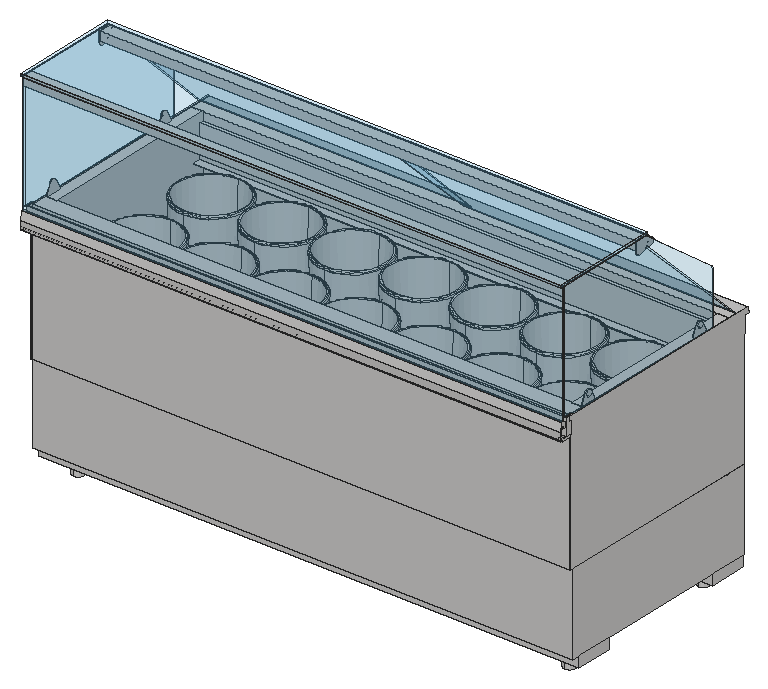
Revit family "Food-Service-Equipment_Oscartek_Gem_Ice-Cream-R4-and-S3", category Specialty Equipment, Revit 2026
Family settings
  Round Connector Dimension = Use Diameter
  Part Type = Normal
  Classification Number = 23.40.40.11
  Work Plane-Based = No
  Enable Cutting in Views = No
  Always vertical = Yes
  Cut with Voids When Loaded = No
  Maintain Annotation Orientation = No
  Shared = No
  Room Calculation Point = No
Parameters (values of type "GEM STATIC 1500-78_120/60/1")
  URL = "www.oscartek.com"
  Type Comments = "As Specified"
  Test Data = "http://www.oscartek.com/company/clients.php"
  Specification = "https://www.arcat.com/arcatcos/cos48/arc48760.html"
  Show Slanted Top Glass S3 [instance] = not(Show Square Top Glass R4)  # yes
  Show Square Top Glass R4 [instance] = no
  Sales Information = "http://www.oscartek.com/company/contact.php"
  Revision = "R1_2018-10"
  Product Data = "http://www.oscartek.com/support/manuals/"
  Manufacturer Website = "http://www.oscartek.com/index.php"
  Manufacturer Phone - Toll Free = "855-885-2400"
  Manufacturer Phone = "650-342-2400"
  Manufacturer Fax = "650-342-7400"
  Manufacturer Address = "361 Beach Rd., Burlingame, CA 94010"
  Length = 78 3/4"
  Weight in Pounds = 0
  Watts = FL Amps * Volts  # 0 W
  Volts = 120 V
  URL Cutsheet = "www.oscartek.com"
  Type Mark [instance] = ""
  Installation-Fabrication = "http://www.oscartek.com/support/manuals/"
  Green Building-LEED = "https://www.arcat.com/green/green_building.shtml"
  Drawn By = "Sumex Design, Inc. / Robert S. Weygant, CSI, CDT, SCIP"
  Default Elevation = 0"
  Copyright = "©Arcat Inc."
  Container = (Length - 8 1/2") / 10 17/32"  # 7
  Status [instance] = ""
  Specification by User [instance] = ""
  Specification by Manufacturer = ""
  Show Clearance [instance] = yes
  Serial Number = ""
  Seismic Rating = ""
  SMACNA No = ""
  Revision Code [instance] = ""
  Plumbing Remarks = ""
  Plumbing Connection Type = ""
  Phase = 1
  Omniclass Number and Title = ""
  Number of Poles [instance] = 1
  NAFEM Spec ID Number = ""
  Model = "GEM STATIC 1500-78"
  Min Ckt Ampacity = 0 A
  Max Overcurrent Protection = 0 A
  Material [instance] = QF_Metal-Stainless-Polished
  Masterspec = ""
  Manufacturer = "OSCARTEK"
  Item Number [instance] = ""
  Installed By [instance] = ""
  Indirect Waste Size = 1"
  Indirect Waste Flow = 0 GPM
  Indirect Waste Connection Type = ""
  Indirect Waste Connection Height = 0"
  Identify Quantity as Lot [instance] = yes
  Height = 53 9/16"
  HP = ""
  Furnished By [instance] = ""
  Foodservice Equipment Identifier [instance] = yes
  FL Amps = 0 A
  Electrical Remarks [instance] = ""
  Electrical Panel Dimension = if(Length = 39 3/8", 17 3/8", if(Length = 59 1/16", 22 3/8", if(Length = 78 3/4", 28 15/16", 17 3/8")))  # 28 15/16"
  Electric Connection Type [instance] = ""
  Elec Conn RI Height [instance] = 0"
  Elec Conn Connection Height [instance] = 0"
  Description = "GEM STATIC GELATO SHOWCASES"
  Depth = 34 1/4"
  Cycle = 60 Hz
  Construction Details = "http://www.oscartek.com/support/manuals/"
  Conn Plug = ""
  Conn Conduit = yes
  Category = ""
  CSI MasterFormat = "11 41 33"
  CSI Master Format = "Foodservice Shelving"
  Building Codes = "https://www.arcat.com/arcatcos/cos48/arc48760.html"
  Apparent Power = if(Phase = 3, Volts * FL Amps * 1.73, Volts * FL Amps)  # 0 VA
Reference planes (in)
  plane 1 "BACK": y = 0
  plane 2: z = 0
  plane 3 "LEFT": x = 0
  plane 4 "RIGHT": x = 78.75
  plane 5 "FRONT": y = -34.25
  plane 6 "TOP": z = 53.5625
  plane 7 "Center Y": x = 39.375
  plane 8 "Center X": y = -17.125
  plane 9: z = 3.6875
  plane 10: x = 75.22086
  plane 11: x = 3.54375
  plane 12: z = 35.75
  plane 13: y = -28.12796
  plane 14: z = 33
  plane 15: x = 70.25
  plane 16: x = 8.5
  plane 17: z = 34.75
  plane 18: y = -32.8125
Forms (in)
  Extrusion 1, solid, material "QF_Metal-Stainless-Polished"
    sketch origin (78.75, 0, 0) x (0, -1, 0) y (0, 0, 1)
      loop
        line (0.7873, 15.56556) -> (32.34187, 15.56556) -> (32.34187, 32.35831) -> (32.38879, 32.35831) -> (32.41281, 32.63282) -> (32.41281, 35.04346) -> (32.8537, 35.04346) -> (32.8537, 35.75) -> (0, 35.75) -> (0, 35.04346) -> (0.71645, 35.04346) -> (0.71645, 32.63282) -> (0.74046, 32.35831) -> (0.7873, 32.35831) -> (0.7873, 15.56556)
    from 0 to 0.125
  Extrusion 2, solid, material "QF_Metal-Stainless-Polished"
    sketch origin (0, 0, 0) x (0, 1, 0) y (0, 0, 1)
      loop
        line (-0.7873, 15.56556) -> (-0.7873, 32.35831) -> (-0.74046, 32.35831) -> (-0.71645, 32.63282) -> (-0.71645, 35.04346) -> (0, 35.04346) -> (0, 35.75) -> (-32.8537, 35.75) -> (-32.8537, 35.04346) -> (-32.41281, 35.04346) -> (-32.41281, 32.63282) -> (-32.38879, 32.35831) -> (-32.34187, 32.35831) -> (-32.34187, 15.56556) -> (-0.7873, 15.56556)
    from 0 to 0.125
  Extrusion 3, solid, material "QF_Metal-Stainless-Polished"
    sketch origin (0.125, 0, 0) x (0, 1, 0) y (0, 0, 1)
      loop
        line (-32.34195, 15.56556) -> (-0.7873, 15.56556) -> (-0.7873, 34.50654) -> (-3.90896, 34.50654) -> (-3.90896, 29.78427) -> (-5.21589, 29.78427) -> (-5.21589, 29.71341) -> (-3.27125, 29.71341) -> (-3.27125, 17.80875) -> (-16.53325, 17.64742) -> (-29.90131, 17.80923) -> (-29.90131, 29.71341) -> (-27.91337, 29.71341) -> (-27.91337, 29.78427) -> (-29.22816, 29.78427) -> (-29.22816, 34.72066) -> (-29.82652, 34.72066) -> (-29.82652, 35.75) -> (-32.30259, 35.75) -> (-32.30259, 33.00434)
        arc (-32.30259, 33.00434) -> (-32.33042, 32.99281) -> (-32.34195, 32.96497) r 0.03937
        line (-32.34195, 32.96497) -> (-32.34195, 15.56556)
    from 0 to 78.5
  Extrusion 4, solid, material "QF_Metal-Stainless-Polished"
    sketch origin (0.125, 0, 0) x (0, 1, 0) y (0, 0, 1)
      loop
        line (-0.7873, 32.35831) -> (-0.74046, 32.35831) -> (-0.71645, 32.63282) -> (-0.71645, 35.04346) -> (0, 35.04346) -> (0, 35.75) -> (-3.3125, 35.75) -> (-3.3125, 34.50654) -> (-0.7873, 34.50654) -> (-0.7873, 32.35831)
    from 0 to 78.5
  Extrusion 5, solid, material "QF_Metal-Stainless-Polished"
    sketch origin (0, 0, 0) x (0, 1, 0) y (0, 0, 1)
      loop
        line (-30.88352, 2.1557) -> (-25.37247, 2.1557) -> (-25.37247, 3.6875) -> (-30.88352, 3.6875) -> (-30.88352, 2.1557)
      loop
        line (-6.45829, 2.1557) -> (-0.94724, 2.1557) -> (-0.94724, 3.6875) -> (-6.45829, 3.6875) -> (-6.45829, 2.1557)
    from 0 to 78.75
  Revolve 6, solid, material "QF_Finishes_Stainless Steel"
    sketch origin (75.22086, -180, 1.4805) x (0, 0, 1) y (0, -1, 0)
      loop
        line (-1.4805, -151.00601) -> (-1.4805, -151.87204) -> (1.40345, -151.87204) -> (1.40345, -150.76982) -> (0.01509, -150.76982) -> (0.01509, -151.00601) -> (-1.4805, -151.00601)
      axis (-1.4805, -151.87204) -> (1.40345, -151.87204)
    angle from 0 to 360
  Revolve 7, solid, material "QF_Finishes_Stainless Steel"
    sketch origin (75.22086, -180, 1.4805) x (0, 0, 1) y (0, -1, 0)
      loop
        line (-1.4805, -175.43124) -> (-1.4805, -176.29727) -> (1.40345, -176.29727) -> (1.40345, -175.19505) -> (0.01509, -175.19505) -> (0.01509, -175.43124) -> (-1.4805, -175.43124)
      axis (-1.4805, -176.29727) -> (1.40345, -176.29727)
    angle from 0 to 360
  Revolve 8, solid, material "QF_Finishes_Stainless Steel"
    sketch origin (3.52914, -180, 1.4805) x (0, 0, 1) y (0, 1, 0)
      loop
        line (-1.4805, 151.00601) -> (0.01509, 151.00601) -> (0.01509, 150.76982) -> (1.40345, 150.76982) -> (1.40345, 151.87204) -> (-1.4805, 151.87204) -> (-1.4805, 151.00601)
      axis (-1.4805, 151.87204) -> (1.40345, 151.87204)
    angle from 0 to 360
  Revolve 9, solid, material "QF_Finishes_Stainless Steel"
    sketch origin (3.52914, -180, 1.4805) x (0, 0, 1) y (0, 1, 0)
      loop
        line (-1.4805, 175.43124) -> (0.01509, 175.43124) -> (0.01509, 175.19505) -> (1.40345, 175.19505) -> (1.40345, 176.29727) -> (-1.4805, 176.29727) -> (-1.4805, 175.43124)
      axis (-1.4805, 176.29727) -> (1.40345, 176.29727)
    angle from 0 to 360
  Extrusion 10, solid, material "QF_Metal-Stainless-Polished", visible <- "Show Slanted Top Glass S3"
    sketch origin (0, 0, 3.65278) x (0, -1, 0) y (0, 0, 1)
      loop
        line (33.80815, 29.34722) -> (33.97656, 29.63892) -> (33.94944, 29.79275)
        arc (33.94944, 29.79275) -> (33.88219, 30.03311) -> (33.64133, 29.96762) r 0.17714
        line (33.64133, 29.96762) -> (33.69247, 29.9381)
        arc (33.69247, 29.9381) -> (33.68135, 29.84606) -> (33.74012, 29.77435) r 0.1181
        line (33.74012, 29.77435) -> (33.70383, 29.63892) -> (32.49942, 29.63892) -> (32.49942, 29.34722) -> (33.80815, 29.34722)
    from 0 to -78.75
  Extrusion 11, solid, material "Glass", visible <- "Show Slanted Top Glass S3"
    sketch origin (0, -0.01726, 3.21977) x (0, -1, 0) y (0, 0, 1)
      loop
        line (33.86745, 31.5439) -> (33.86745, 49.71882) -> (33.63148, 49.71882) -> (33.63148, 31.5439) -> (33.86745, 31.5439)
    from 0 to -78.75
  Extrusion 12, solid, material "Glass", visible <- "Show Slanted Top Glass S3"
    sketch origin (0, 0, 0) x (0, 1, 0) y (0, 0, 1)
      loop
        line (-34.1875, 53.13523) -> (-18.27941, 53.13523) -> (-18.27941, 53.5625) -> (-34.1875, 53.5625) -> (-34.1875, 53.13523)
    from 0 to 78.75
  Extrusion 13, solid, material "Glass", visible <- "Show Slanted Top Glass S3"
    sketch origin (78.75, 0, 0) x (0, -1, 0) y (0, 0, 1)
      loop
        line (18.47177, 53.13523) -> (6.71044, 44.12552)
        arc (6.71044, 44.12552) -> (6.37083, 43.7114) -> (6.24928, 43.18982) r 1.17985
        line (6.24928, 43.18982) -> (6.24928, 35.75) -> (31.65605, 35.75)
        arc (31.65605, 35.75) -> (32.13792, 35.897) -> (32.63926, 35.94664) r 2.55634
        line (32.63926, 35.94664) -> (33.44829, 35.94664)
        arc (33.44829, 35.94664) -> (33.50391, 35.96968) -> (33.52695, 36.0253) r 0.07866
        line (33.52695, 36.0253) -> (33.52695, 53.13523) -> (18.47177, 53.13523)
    from 0 to 0.19531
  Extrusion 14, solid, material "Glass", visible <- "Show Slanted Top Glass S3"
    sketch origin (0, 1.29295, 0.30619) x (0, 0.999687, 0.025001) y (0, -0.025001, 0.999687)
      loop
        line (-18.11345, 52.61415) -> (-18.22708, 52.50659) -> (-2.13763, 35.50836) -> (-2.0246, 35.61387) -> (-18.11345, 52.61415)
    from 0 to 39.76873
  Extrusion 15, solid, material "Glass", visible <- "Show Slanted Top Glass S3"
    sketch origin (39.375, -2.86489, 0.36004) x (0, 0.999754, 0.022189) y (0, -0.022189, 0.999754)
      loop
        line (-14.48756, 51.83222) -> (-14.59985, 51.72182) -> (1.48269, 35.36382) -> (1.59497, 35.47422) -> (-14.48756, 51.83222)
    from -0.39373 to 39.17969
  Extrusion 16, solid, material "QF_Metal-Stainless-Polished"
    sketch origin (78.42969, 0, 0) x (0, -1, 0) y (0, 0, 1)
      loop
        arc (27.69251, 36.03416) -> (27.70006, 35.84196) -> (27.86788, 35.74797) r 0.19683
        line (27.86788, 35.74797) -> (29.60976, 35.74797)
        arc (29.60976, 35.74797) -> (29.77758, 35.84196) -> (29.78513, 36.03416) r 0.19683
        line (29.78513, 36.03416) -> (29.15939, 37.26225)
        arc (29.15939, 37.26225) -> (28.73882, 37.51998) -> (28.31825, 37.26225) r 0.47201
        line (28.31825, 37.26225) -> (27.69251, 36.03416)
      loop
        arc (8.89799, 37.26566) -> (8.4771, 37.52359) -> (8.0562, 37.26566) r 0.47238
        line (8.0562, 37.26566) -> (7.43078, 36.03821)
        arc (7.43078, 36.03821) -> (7.43833, 35.84601) -> (7.60616, 35.75203) r 0.19683
        line (7.60616, 35.75203) -> (9.34803, 35.75203)
        arc (9.34803, 35.75203) -> (9.51586, 35.84601) -> (9.52341, 36.03821) r 0.19683
        line (9.52341, 36.03821) -> (8.89799, 37.26566)
    from 0 to 0.125
  Extrusion 17, solid, material "QF_Metal-Stainless-Polished"
    sketch origin (78.55469, 0, 0) x (0, -1, 0) y (0, 0, 1)
      loop
        circle (8.4771, 37.05121) r 0.39365
      loop
        circle (28.73882, 37.04796) r 0.39328
    from 0 to 0.125
  Extrusion 18, solid, material "QF_Metal-Stainless-Polished"
    sketch origin (0.32031, 0, 0) x (0, -1, 0) y (0, 0, -1)
      loop
        line (27.69251, -36.03416) -> (28.31792, -37.26161)
        arc (28.31792, -37.26161) -> (28.73882, -37.51998) -> (29.15971, -37.26161) r 0.47201
        line (29.15971, -37.26161) -> (29.78513, -36.03416)
        arc (29.78513, -36.03416) -> (29.77758, -35.84196) -> (29.60976, -35.74797) r 0.19683
        line (29.60976, -35.74797) -> (27.86788, -35.74797)
        arc (27.86788, -35.74797) -> (27.70006, -35.84196) -> (27.69251, -36.03416) r 0.19683
      loop
        line (7.43078, -36.03821) -> (8.0562, -37.26566)
        arc (8.0562, -37.26566) -> (8.4771, -37.52359) -> (8.89799, -37.26566) r 0.47238
        line (8.89799, -37.26566) -> (9.52341, -36.03821)
        arc (9.52341, -36.03821) -> (9.51586, -35.84601) -> (9.34803, -35.75203) r 0.19683
        line (9.34803, -35.75203) -> (7.60616, -35.75203)
        arc (7.60616, -35.75203) -> (7.43833, -35.84601) -> (7.43078, -36.03821) r 0.19683
    from 0 to 0.125
  Extrusion 19, solid, material "QF_Metal-Stainless-Polished"
    sketch origin (0.19531, 0, 0) x (0, -1, 0) y (0, 0, -1)
      loop
        circle (8.4771, -37.05121) r 0.39365
      loop
        circle (28.73882, -37.04796) r 0.39328
    from 0 to 0.125
  Extrusion 20, solid, material "QF_Door-Drawer Clearances", visible <- "Show Clearance", detail levels coarse
    sketch origin (0, 11.67076, 26.01813) x (0, -0.846424, -0.53251) y (0, -0.53251, 0.846424)
      loop
        line (24.22379, 47.04487) -> (33.90212, 31.66119) -> (34.3142, 31.78358) -> (30.48904, 49.51276)
        arc (30.48904, 49.51276) -> (27.24112, 48.57151) -> (24.22379, 47.04487) r 18.17492
    from 0 to -78.75
  Extrusion 21, solid, material "QF_Metal-Stainless-Polished"
    sketch origin (0.125, -0.86615, 3.6875) x (0, 0, 1) y (1, 0, 0)
      loop
        line (11.87806, -0.125) -> (11.87806, 78.625) -> (0, 78.625) -> (0, -0.125) -> (11.87806, -0.125)
    from 0 to -31.03539
  Extrusion 22, solid, material "QF_Metal-Stainless-Polished"
    sketch origin (0.19531, 0, 0) x (0, -1, 0) y (0, 0, -1)
      loop
        line (29.83881, -35.75) -> (29.83881, -17.80923) -> (16.5645, -17.64742) -> (3.3125, -17.80824) -> (3.3125, -35.75) -> (29.83881, -35.75)
    from -0.07031 to 1.625
  Extrusion 23, solid, material "QF_Metal-Stainless-Polished"
    sketch origin (78.625, 0, 0) x (0, -1, 0) y (0, 0, 1)
      loop
        line (29.90131, 35.75) -> (3.3125, 35.75) -> (3.3125, 17.57312) -> (16.53325, 17.33492) -> (29.90131, 17.49673) -> (29.90131, 35.75)
    from 0 to 1.625
  Extrusion 24, solid, material "QF_Plastic-Black-Smooth"
    sketch origin (0.125, -0.86615, 3.6875) x (0, 0, 1) y (1, 0, 0)
      loop
        circle (7.29521, 8.19016) r 1.2789
    from 0 to 0.75
  Extrusion 25, solid, material "QF_Plastic-Black-Smooth"
    sketch origin (0.125, -0.11615, 3.6875) x (0, 0, 1) y (1, 0, 0)
      loop
        line (6.16441, 8.04765) -> (8.06377, 7.78512)
        arc (8.06377, 7.78512) -> (8.52864, 8.19016) -> (8.06377, 8.5952) r 0.40889
        line (8.06377, 8.5952) -> (6.16441, 8.33266)
        arc (6.16441, 8.33266) -> (6.04025, 8.19016) -> (6.16441, 8.04765) r 0.14386
    from 0 to 0.5
  Extrusion 26, solid, material "QF_Metal-Stainless-Polished"
    sketch origin (39.375, -0.86615, 3.89681) x (0, 1, 0) y (1, 0, 0)
      loop
        circle (-16.25885, 35.43993) r 0.5
      loop
        circle (-16.25885, -33.33494) r 0.5
      loop
        circle (-16.25885, -34.77244) r 0.375
    from 0.20931 to 0.35702
  Extrusion 27, solid, material "Glass", visible <- "Show Slanted Top Glass S3"
    sketch origin (0, 0, 0) x (0, 1, 0) y (0, 0, -1)
      loop
        line (-18.47177, -53.13523) -> (-6.71044, -44.12552)
        arc (-6.71044, -44.12552) -> (-6.37083, -43.7114) -> (-6.24928, -43.18982) r 1.17985
        line (-6.24928, -43.18982) -> (-6.24928, -35.75) -> (-31.65605, -35.75)
        arc (-31.65605, -35.75) -> (-32.13792, -35.897) -> (-32.63926, -35.94664) r 2.55634
        line (-32.63926, -35.94664) -> (-33.44829, -35.94664)
        arc (-33.44829, -35.94664) -> (-33.50391, -35.96968) -> (-33.52695, -36.0253) r 0.07866
        line (-33.52695, -36.0253) -> (-33.52695, -53.13523) -> (-18.47177, -53.13523)
    from 0 to -0.19531
  Extrusion 28, solid, material "QF_Metal-Stainless-Polished", visible <- "Show Slanted Top Glass S3"
    sketch origin (0, 0, 0) x (0, 1, 0) y (0, 0, 1)
      loop
        arc (-20.10214, 51.595) -> (-20.00461, 51.30771) -> (-19.75234, 51.13914) r 0.47194
        line (-19.75234, 51.13914) -> (-19.64667, 51.11083)
        arc (-19.64667, 51.11083) -> (-19.53208, 51.09481) -> (-19.41703, 51.10715) r 0.47194
        line (-19.41703, 51.10715) -> (-17.35318, 51.58991)
        arc (-17.35318, 51.58991) -> (-17.05578, 51.9027) -> (-17.22445, 52.29999) r 0.39328
        line (-17.22445, 52.29999) -> (-18.47606, 53.13523) -> (-20.10214, 53.13523) -> (-20.10214, 51.595)
    from 0.19531 to 0.31216
  Extrusion 29, solid, material "QF_Metal-Stainless-Polished", visible <- "Show Slanted Top Glass S3"
    sketch origin (78.43784, 0, 0) x (0, 1, 0) y (0, 0, 1)
      loop
        arc (-20.10214, 51.595) -> (-20.00461, 51.30771) -> (-19.75234, 51.13914) r 0.47194
        line (-19.75234, 51.13914) -> (-19.64667, 51.11083)
        arc (-19.64667, 51.11083) -> (-19.53208, 51.09481) -> (-19.41703, 51.10715) r 0.47194
        line (-19.41703, 51.10715) -> (-17.35318, 51.58991)
        arc (-17.35318, 51.58991) -> (-17.05578, 51.9027) -> (-17.22445, 52.29999) r 0.39328
        line (-17.22445, 52.29999) -> (-18.47606, 53.13523) -> (-20.10214, 53.13523) -> (-20.10214, 51.595)
    from 0 to 0.11684
  Extrusion 30, solid, material "QF_Metal-Stainless-Polished", visible <- "Show Slanted Top Glass S3"
    sketch origin (78.75, 0, 0) x (0, -1, 0) y (0, 0, 1)
      loop
        line (20.01365, 52.13133) -> (20.01365, 51.84393) -> (20.10214, 51.84393) -> (20.10214, 53.13523) -> (18.47118, 53.13523) -> (18.47118, 53.04675) -> (19.07206, 53.04675) -> (19.07206, 51.81806) -> (18.97322, 51.81806)
        arc (18.97322, 51.81806) -> (18.89775, 51.84108) -> (18.85801, 51.90925) r 0.10815
        arc (18.85801, 51.90925) -> (18.81179, 51.93299) -> (18.78137, 51.89086) r 0.03986
        arc (18.78137, 51.89086) -> (18.8458, 51.78194) -> (18.96487, 51.73908) r 0.18681
        line (18.96487, 51.73908) -> (19.0337, 51.73908)
        arc (19.0337, 51.73908) -> (19.11712, 51.77363) -> (19.15168, 51.85706) r 0.11799
        line (19.15168, 51.85706) -> (19.15168, 52.13133) -> (20.01365, 52.13133)
      loop
        arc (18.94004, 52.03242) -> (18.93553, 52.01046) -> (18.91975, 51.99453) r 0.03933
        arc (18.91975, 51.99453) -> (18.94147, 51.84855) -> (19.01978, 51.97364) r 0.07866
        arc (19.01978, 51.97364) -> (19.00526, 51.99992) -> (18.99935, 52.02935) r 0.09832
        arc (18.99935, 52.02935) -> (18.87258, 52.20441) -> (18.66163, 52.1573) r 0.19664
        line (18.66163, 52.1573) -> (18.08603, 51.56279) -> (18.12219, 51.52664) -> (18.49319, 51.90983) -> (18.65461, 51.75354) -> (18.30585, 51.46167) -> (18.33867, 51.42246) -> (18.67013, 51.69986)
        arc (18.67013, 51.69986) -> (18.69113, 51.72735) -> (18.6983, 51.7612) r 0.07866
        arc (18.6983, 51.7612) -> (18.66985, 51.86054) -> (18.59497, 51.93175) r 0.19664
        arc (18.59497, 51.93175) -> (18.57476, 51.96035) -> (18.58537, 51.99373) r 0.03933
        line (18.58537, 51.99373) -> (18.70401, 52.11627)
        arc (18.70401, 52.11627) -> (18.84899, 52.15023) -> (18.94004, 52.03242) r 0.13765
      loop
        arc (18.65184, 52.60934) -> (18.63596, 52.63481) -> (18.6285, 52.66389) r 0.09832
        arc (18.6285, 52.66389) -> (18.49265, 52.832) -> (18.28449, 52.77381) r 0.19664
        line (18.28449, 52.77381) -> (17.74423, 52.15331) -> (17.78279, 52.11974) -> (18.12936, 52.51778) -> (18.29881, 52.37025) -> (17.96463, 52.05911) -> (18.0008, 52.02293) -> (18.31715, 52.31746)
        arc (18.31715, 52.31746) -> (18.33666, 52.34603) -> (18.34204, 52.3802) r 0.07866
        arc (18.34204, 52.3802) -> (18.30838, 52.47791) -> (18.22984, 52.54505) r 0.19664
        arc (18.22984, 52.54505) -> (18.20815, 52.57255) -> (18.21698, 52.60644) r 0.03933
        line (18.21698, 52.60644) -> (18.32898, 52.73508)
        arc (18.32898, 52.73508) -> (18.47196, 52.77665) -> (18.56911, 52.66382) r 0.13765
        arc (18.56911, 52.66382) -> (18.56577, 52.64165) -> (18.55086, 52.62491) r 0.03933
        arc (18.55086, 52.62491) -> (18.58025, 52.48028) -> (18.65184, 52.60934) r 0.07866
      loop
        line (17.20262, 52.3327) -> (17.22445, 52.29999) -> (18.37792, 53.06974) -> (18.35609, 53.10246) -> (17.20262, 52.3327)
    from 0.31216 to 78.43784
  Extrusion 31, solid, material "QF_Metal-Stainless-Polished", visible <- "Show Slanted Top Glass S3"
    sketch origin (0, 0, 2.7081) x (0, -1, 0) y (0, 0, 1)
      loop
        line (33.99643, 32.827) -> (33.8549, 32.85196) -> (33.87397, 32.76387) -> (33.94968, 32.76387) -> (33.98376, 32.60645) -> (33.84992, 32.60645) -> (33.84992, 32.54752) -> (33.99652, 32.54752) -> (34.03059, 32.39012) -> (33.85749, 32.39012) -> (33.85749, 32.33108) -> (34.04337, 32.33108) -> (34.10204, 32.06006) -> (33.6316, 32.06006)
        arc (33.6316, 32.06006) -> (33.61843, 32.39289) -> (33.60245, 32.72561) r 39.36509
        arc (33.60245, 32.72561) -> (33.56528, 32.75991) -> (33.53008, 32.72358) r 0.03621
        line (33.53008, 32.72358) -> (33.53288, 31.97475) -> (34.10997, 31.97691) -> (34.18062, 31.65055) -> (34.1325, 30.92317)
        arc (34.1325, 30.92317) -> (34.08838, 30.87519) -> (34.03207, 30.90802) r 0.05199
        arc (34.03207, 30.90802) -> (33.71591, 31.0605) -> (33.54501, 30.75392) r 0.25587
        line (33.54501, 30.75392) -> (33.68555, 30.75444)
        arc (33.68555, 30.75444) -> (33.67043, 30.78739) -> (33.66516, 30.82326) r 0.12794
        line (33.66516, 30.82326) -> (33.60623, 30.82303)
        arc (33.60623, 30.82303) -> (33.79783, 31.00347) -> (33.98006, 30.81357) r 0.18698
        line (33.98006, 30.81357) -> (34.11538, 30.66438) -> (34.10539, 30.51341)
        arc (34.10539, 30.51341) -> (34.13748, 30.47676) -> (34.17413, 30.50886) r 0.03444
        line (34.17413, 30.50886) -> (34.25, 31.65566) -> (33.99643, 32.827)
      loop
        line (32.35031, 30.58361) -> (33.03584, 30.58361) -> (33.03584, 33.0419) -> (32.7912, 33.0419) -> (32.7912, 32.33536) -> (32.35031, 32.33536) -> (32.35031, 30.58361)
    from 0 to -78.75
  Extrusion 32, solid, material "QF_Metal-Stainless-Polished", visible <- "Show Slanted Top Glass S3"
    sketch origin (78.75, 0, 0) x (0, -1, 0) y (0, 0, 1)
      loop
        line (33.64873, 51.79807) -> (33.64873, 53.13523) -> (32.26436, 53.13523) -> (32.26436, 53.07624) -> (33.58973, 53.07624) -> (33.58973, 51.79807) -> (33.64873, 51.79807)
    from 0 to 78.75
  Extrusion 33, solid, material "Glass", visible <- "Show Square Top Glass R4"
    sketch origin (0, 0, 0) x (0, 1, 0) y (0, 0, 1)
      loop
        line (-32.85189, 53.13523) -> (-14.9291, 53.13523) -> (-14.9291, 53.5625) -> (-32.85189, 53.5625) -> (-32.85189, 53.13523)
    from 0 to 78.75
  Extrusion 34, solid, material "Glass", visible <- "Show Square Top Glass R4"
    sketch origin (78.75, 0, 0) x (0, -1, 0) y (0, 0, 1)
      loop
        line (1.96131, 35.75) -> (32.8125, 35.75) -> (32.8125, 53.18806) -> (1.96131, 53.18806) -> (1.96131, 35.75)
    from 0 to 0.19531
  Extrusion 35, solid, material "Glass", visible <- "Show Square Top Glass R4"
    sketch origin (0, 0, 0) x (0, 1, 0) y (0, 0, -1)
      loop
        line (-32.8125, -53.18806) -> (-1.96131, -53.18806) -> (-1.96131, -35.75) -> (-32.8125, -35.75) -> (-32.8125, -53.18806)
    from 0 to -0.19531
  Extrusion 36, solid, material "QF_Metal-Stainless-Polished", visible <- "Show Square Top Glass R4"
    sketch origin (78.75, 0, 0) x (0, -1, 0) y (0, 0, 1)
      loop
        line (16.63983, 52.13133) -> (16.63983, 51.84393) -> (16.72832, 51.84393) -> (16.72832, 53.13523) -> (15.09736, 53.13523) -> (15.09736, 53.04675) -> (15.69824, 53.04675) -> (15.69824, 52.6416) -> (15.38799, 52.6416)
        arc (15.38799, 52.6416) -> (15.28409, 52.52541) -> (15.18019, 52.6416) r 0.10455
        line (15.18019, 52.6416) -> (15.09686, 52.6416)
        arc (15.09686, 52.6416) -> (15.24363, 52.45889) -> (15.45368, 52.56282) r 0.18711
        line (15.45368, 52.56282) -> (15.69824, 52.56282) -> (15.69824, 51.86884) -> (15.5994, 51.86884)
        arc (15.5994, 51.86884) -> (15.52393, 51.89186) -> (15.48419, 51.96003) r 0.10815
        arc (15.48419, 51.96003) -> (15.43797, 51.98377) -> (15.40756, 51.94164) r 0.03986
        arc (15.40756, 51.94164) -> (15.47198, 51.83272) -> (15.59105, 51.78986) r 0.18681
        line (15.59105, 51.78986) -> (15.65988, 51.78986)
        arc (15.65988, 51.78986) -> (15.74331, 51.82441) -> (15.77786, 51.90784) r 0.11799
        line (15.77786, 51.90784) -> (15.77786, 52.13133) -> (16.63983, 52.13133)
      loop
        line (14.38536, 52.98645) -> (14.38536, 52.91555) -> (14.94915, 52.91555) -> (14.94915, 52.72299) -> (14.47862, 52.77947) -> (14.49079, 52.70689) -> (14.95304, 52.65831)
        arc (14.95304, 52.65831) -> (15.0305, 52.75416) -> (15.03583, 52.87728) r 0.19695
        arc (15.03583, 52.87728) -> (15.04039, 52.90925) -> (15.06712, 52.92737) r 0.03989
        line (15.06712, 52.92737) -> (15.24458, 52.92737)
        arc (15.24458, 52.92737) -> (15.37556, 52.83252) -> (15.32633, 52.67848) r 0.13787
        arc (15.32633, 52.67848) -> (15.21979, 52.56637) -> (15.3606, 52.63035) r 0.07878
        arc (15.3606, 52.63035) -> (15.43185, 52.85051) -> (15.24458, 52.98645) r 0.19695
        line (15.24458, 52.98645) -> (14.38536, 52.98645)
      loop
        line (14.55283, 52.20667) -> (14.55283, 52.13577) -> (15.11662, 52.13577) -> (15.11662, 51.94321) -> (14.64609, 51.99969) -> (14.65826, 51.92711) -> (15.1205, 51.87853)
        arc (15.1205, 51.87853) -> (15.19797, 51.97438) -> (15.2033, 52.0975) r 0.19695
        arc (15.2033, 52.0975) -> (15.20786, 52.12947) -> (15.23459, 52.14759) r 0.03989
        line (15.23459, 52.14759) -> (15.41205, 52.14759)
        arc (15.41205, 52.14759) -> (15.53759, 52.06669) -> (15.51581, 51.91894) r 0.13787
        line (15.51581, 51.91894) -> (15.57597, 51.90054)
        arc (15.57597, 51.90054) -> (15.58568, 52.10269) -> (15.41205, 52.20667) r 0.19695
        line (15.41205, 52.20667) -> (14.55283, 52.20667)
    from 0.31216 to 78.43784
  Extrusion 37, solid, material "Glass", visible <- "Show Square Top Glass R4"
    sketch origin (0, 1.29295, 0.30619) x (0, 0.999687, 0.025001) y (0, -0.025001, 0.999687)
      loop
        line (-14.46084, 52.98746) -> (-14.46675, 52.75119) -> (-2.39868, 52.44938) -> (-2.79983, 36.40917) -> (-2.56356, 36.40326) -> (-2.1565, 52.67974) -> (-14.46084, 52.98746)
    from 0 to 39.76873
  Extrusion 38, solid, material "Glass", visible <- "Show Square Top Glass R4"
    sketch origin (39.375, -2.86489, 0.36004) x (0, 0.999754, 0.022189) y (0, -0.022189, 0.999754)
      loop
        line (1.02107, 51.52941) -> (0.68235, 36.26772) -> (0.91864, 36.26247) -> (1.2626, 51.76045) -> (-10.62642, 52.02432) -> (-10.63166, 51.78804) -> (1.02107, 51.52941)
    from -0.39373 to 39.17969
  Extrusion 39, solid, material "Glass", visible <- "Show Square Top Glass R4"
    sketch origin (0, 0, 0) x (0, 1, 0) y (0, 0, 1)
      loop
        line (-32.8125, 53.13523) -> (-32.8125, 35.75) -> (-32.375, 35.75) -> (-32.375, 53.13523) -> (-32.8125, 53.13523)
    from 0 to 78.55469
Lines and regions (in)
  Split face 1
    outline origin (2.25, -0.86615, 3.6875) x (0, 0, 1) y (1, 0, 0)
      loop
        line (0.1248, 60.8125) -> (0.1248, 31.875) -> (11.10071, 31.875) -> (11.10071, 60.8125) -> (0.1248, 60.8125)
  Split face 2
    outline origin (-21.125, -0.86615, 3.6875) x (0, 0, 1) y (1, 0, 0)
      loop
        line (10.08216, 31.73037) -> (10.08216, 29.64872) -> (10.99141, 29.64872) -> (10.99141, 31.73037) -> (10.08216, 31.73037)
  Split face 3
    outline origin (-23.375, -0.86615, 3.6875) x (0, 0, 1) y (1, 0, 0)
      loop
        line (10.59577, 31.75705) -> (10.59577, 31.22976) -> (10.99141, 31.22976) -> (10.99141, 31.75705) -> (10.59577, 31.75705)
  Split face 4
    outline origin (-23.98494, -0.86615, 3.6875) x (0, 0, 1) y (1, 0, 0)
      loop
        line (10.59577, 31.75705) -> (10.59577, 31.22976) -> (10.99141, 31.22976) -> (10.99141, 31.75705) -> (10.59577, 31.75705)
  Split face 5
    outline origin (-24.59487, -0.86615, 3.6875) x (0, 0, 1) y (1, 0, 0)
      loop
        line (10.59577, 31.75705) -> (10.59577, 31.22976) -> (10.99141, 31.22976) -> (10.99141, 31.75705) -> (10.59577, 31.75705)
  Split face 6
    outline origin (-25.20489, -0.86615, 3.6875) x (0, 0, 1) y (1, 0, 0)
      loop
        line (10.59577, 31.75705) -> (10.59577, 31.22976) -> (10.99141, 31.22976) -> (10.99141, 31.75705) -> (10.59577, 31.75705)
  Split face 7
    outline origin (-23.375, -0.86615, 3.17389) x (0, 0, 1) y (1, 0, 0)
      loop
        line (10.59577, 31.75705) -> (10.59577, 31.22976) -> (10.99141, 31.22976) -> (10.99141, 31.75705) -> (10.59577, 31.75705)
  Split face 8
    outline origin (-23.98494, -0.86615, 3.17389) x (0, 0, 1) y (1, 0, 0)
      loop
        line (10.59577, 31.75705) -> (10.59577, 31.22976) -> (10.99141, 31.22976) -> (10.99141, 31.75705) -> (10.59577, 31.75705)
  Split face 9
    outline origin (-24.59487, -0.86615, 3.17389) x (0, 0, 1) y (1, 0, 0)
      loop
        line (10.59577, 31.75705) -> (10.59577, 31.22976) -> (10.99141, 31.22976) -> (10.99141, 31.75705) -> (10.59577, 31.75705)
  Split face 10
    outline origin (-25.20489, -0.86615, 3.17389) x (0, 0, 1) y (1, 0, 0)
      loop
        line (10.59577, 31.75705) -> (10.59577, 31.22976) -> (10.99141, 31.22976) -> (10.99141, 31.75705) -> (10.59577, 31.75705)
  symbolic lines
    curve 1: line (0, 0, 0) -> (78.75, 0, 0)
    curve 2: line (0, -34.25164, 0) -> (0, 0, 0)
    curve 3: line (78.75, -34.25164, 0) -> (0, -34.25164, 0)
    curve 4: line (78.75, 0, 0) -> (78.75, -34.25164, 0)
    curve 5: line (39.76873, -17.20262, 0) -> (39.76873, -1.6214, 0)
    curve 6: line (39.76873, -1.6214, 0) -> (0, -1.6214, 0)
    curve 7: line (78.55469, -2.05744, 0) -> (39.76873, -2.05744, 0)
    curve 8: line (0.19531, -18.27941, 0) -> (0.19531, -1.6214, 0)
    curve 9: line (0.125, 0, 0) -> (0.125, -1.6214, 0)
    curve 10: line (78.55469, -18.27941, 0) -> (78.55469, -1.94132, 0)
    curve 11: line (78.55469, -1.94132, 0) -> (78.75, -1.94132, 0)
    curve 12: line (78.625, 0, 0) -> (78.625, -1.94132, 0)
    curve 16: line (0.125, -0.74046, 0) -> (78.625, -0.74046, 0)
    curve 17: line (0, -18.27941, 0) -> (78.75, -18.27941, 0)
    curve 18: line (78.43784, -17.04947, 0) -> (78.55469, -17.04947, 0)
    curve 19: line (78.43784, -17.04947, 0) -> (78.43784, -18.27941, 0)
    curve 20: line (0.31216, -17.04947, 0) -> (0.19531, -17.04947, 0)
    curve 21: line (0.31216, -17.04947, 0) -> (0.31216, -18.27941, 0)
    curve 22: line (0.31216, -17.20262, 0) -> (78.43784, -17.20262, 0)
  symbolic lines, style "QF_Door-Drawer Clearances", visible <- "Show Clearance", detail levels coarse
    curve 13: line (0, -34.25164, 0) -> (0, -40.50194, 0)
    curve 14: line (0, -40.50194, 0) -> (78.75, -40.50194, 0)
    curve 15: line (78.75, -40.50194, 0) -> (78.75, -34.25164, 0)
Dimensions and locks (in)
  equal spacing: plane 3 "LEFT", plane 7 "Center Y", plane 4 "RIGHT"
  "Length": plane 3 "LEFT" to plane 4 "RIGHT"
  equal spacing: plane 5 "FRONT", plane 8 "Center X", plane 1 "BACK"
  "Height": plane 6 "TOP" to level
  "Depth": plane 5 "FRONT" to plane 1 "BACK"
  locked: plane 4 "RIGHT" to plane 10 at 3.52914
  locked: plane 11 to plane 3 "LEFT" at 3.54375
  plane 6 "TOP" to plane 2 = 53 9/16"
  plane 12 to plane 2 = 35 3/4"
  plane 5 "FRONT" to plane 1 "BACK" = 34 1/4"
  plane 9 to level = 3 11/16"
  Extrusion 14 to plane 7 "Center Y" to Extrusion 15 = 0.39373" locked, 0.39373" locked
  locked: plane 4 "RIGHT" to Extrusion 4 at 0.125
  Extrusion 10 to level = 33"
  "Electrical Panel Dimension": Split face 1 sketch curve to Split face 1 sketch curve
  locked: plane 7 "Center Y" to Split face 1 at 5.25
  equal spacing: group 1, group 3, group 4, group 5, group 6, group 7, group 2  (x3)
  locked: plane 15 to plane 4 "RIGHT" at 8.5
  locked: plane 3 "LEFT" to plane 16 at 8.5
  locked: plane 7 "Center Y" to Split face 1 sketch curve at 5.25
  locked: plane 4 "RIGHT" to Extrusion 15 at 0.19531
  locked: Extrusion 30 to plane 3 "LEFT" at 0.31216
  plane 17 to level = 34 3/4"
  plane 1 "BACK" to plane 18 = 32 13/16"
  aligned and locked: level to plane 2
  aligned and locked: Extrusion 3 to Extrusion 1
  aligned and locked: Extrusion 5 to plane 4 "RIGHT"
  aligned and locked: Extrusion 1 to Extrusion 10
  aligned and locked: Extrusion 21 to plane 3 "LEFT"
  aligned and locked: Extrusion 12 to plane 4 "RIGHT"
  aligned and locked: Extrusion 20 to plane 4 "RIGHT"
  aligned and locked: Extrusion 11 to plane 4 "RIGHT"
  aligned and locked: nested 3 to plane 15
  aligned and locked: plane 16 to nested 1
  aligned and locked: Extrusion 31 to plane 4 "RIGHT"
  aligned and locked: Extrusion 31 to plane 3 "LEFT"
  aligned and locked: Extrusion 32 to plane 4 "RIGHT"
  aligned and locked: Extrusion 32 to plane 3 "LEFT"
  aligned and locked: Extrusion 15 to Extrusion 38  (x2)
  aligned and locked: Extrusion 37 to Extrusion 14
  aligned and locked: Extrusion 36 to Extrusion 30
  aligned and locked: Extrusion 33 to Extrusion 12
  aligned and locked: Extrusion 39 to Extrusion 13
Automatic sketch dimensions
  plane 1 "BACK" to curve 1 = 0"
  curve 1 to plane 3 "LEFT" = 0"
  curve 17 to plane 4 "RIGHT" = 0"
  plane 8 "Center X" to curve 20 = 0.07553"
  plane 3 "LEFT" to curve 20 = 0.31216"
  plane 7 "Center Y" to curve 6 = 0.39373"
  plane 8 "Center X" to curve 18 = 0.07553"
  plane 4 "RIGHT" to curve 18 = 0.31216"
  plane 4 "RIGHT" to curve 11 = 25/128"
  plane 5 "FRONT" to curve 15 = 0.00164"
  curve 13 to curve 2 = 6.2503"
  plane 1 "BACK" to curve 11 = 1.94132"
  plane 1 "BACK" to curve 5 = 1.6214"
  plane 3 "LEFT" to curve 9 = 1/8"
  curve 20 to curve 20 = 0.11684"
  plane 4 "RIGHT" to curve 12 = 1/8"
  curve 5 to plane 8 "Center X" = 0.07762"
  curve 10 to curve 22 = 1.0768"
  curve 7 to curve 5 = 0.43604"
  plane 1 "BACK" to curve 16 = 0.74046"
  Extrusion 1 sketch curve to plane 1 "BACK" = 0"
  Extrusion 1 sketch curve to plane 12 = 0"
  plane 17 to Extrusion 1 sketch curve = 0.29346"  (x2)
  Extrusion 1 sketch curve to Extrusion 1 sketch curve = 0.71645"
  Extrusion 1 sketch curve to Extrusion 1 sketch curve = 0.02402"  (x2)
  Extrusion 1 sketch curve to Extrusion 1 sketch curve = 0.04684"
  plane 18 to Extrusion 1 sketch curve = 0.47063"
  Extrusion 1 sketch curve to Extrusion 1 sketch curve = 0.04692"
  Extrusion 1 sketch curve to plane 18 = 0.0412"
  plane 14 to Extrusion 1 sketch curve = 47/128"  (x2)
  Extrusion 1 sketch curve to Extrusion 1 sketch curve = 0.27451"  (x2)
  plane 9 to Extrusion 1 sketch curve = 11.87806"
  Extrusion 2 sketch curve to plane 12 = 0"
  Extrusion 2 sketch curve to plane 1 "BACK" = 0"
  plane 1 "BACK" to Extrusion 2 sketch curve = 0.71645"
  Extrusion 2 sketch curve to Extrusion 2 sketch curve = 0.02402"  (x2)
  Extrusion 2 sketch curve to Extrusion 2 sketch curve = 0.04684"
  plane 18 to Extrusion 2 sketch curve = 0.47063"
  Extrusion 2 sketch curve to Extrusion 2 sketch curve = 0.04692"
  Extrusion 2 sketch curve to plane 18 = 0.0412"
  plane 17 to Extrusion 2 sketch curve = 0.29346"  (x2)
  plane 14 to Extrusion 2 sketch curve = 47/128"  (x2)
  Extrusion 2 sketch curve to Extrusion 2 sketch curve = 0.27451"  (x2)
  plane 9 to Extrusion 2 sketch curve = 11.87806"
  Extrusion 3 sketch curve to Extrusion 2 = 0"  (x3)
  Extrusion 3 sketch curve to Extrusion 2 = 2.48395"
  Extrusion 2 to Extrusion 3 sketch curve = 0.53692"
  Extrusion 3 sketch curve to Extrusion 2 = 3.12166"
  Extrusion 3 sketch curve to Extrusion 3 sketch curve = 1.30692"
  Extrusion 3 sketch curve to Extrusion 2 = 2.08186"
  Extrusion 3 sketch curve to Extrusion 3 sketch curve = 13.26201"
  Extrusion 3 sketch curve to Extrusion 2 = 4.4285"
  Extrusion 2 to Extrusion 3 sketch curve = 0.32279"
  Extrusion 3 sketch curve to Extrusion 2 = 3.11371"
  Extrusion 3 sketch curve to Extrusion 3 sketch curve = 0.59835"
  Extrusion 3 sketch curve to Extrusion 2 = 2.44056"
  Extrusion 3 sketch curve to Extrusion 2 = 0.03929"
  Extrusion 2 to Extrusion 3 sketch curve = 0.00008"
  Extrusion 3 sketch curve to Extrusion 2 = 2.24318"
  Extrusion 3 sketch curve to Extrusion 2 = 2.24367"
  Extrusion 2 to Extrusion 3 sketch curve = 2.6449"  (x2)
  Extrusion 3 sketch curve to Extrusion 3 sketch curve = 0.07086"  (x2)
  Extrusion 3 sketch curve to Extrusion 2 = 0.60666"
  Extrusion 4 sketch curve to Extrusion 2 = 0"  (x6)
  Extrusion 2 to Extrusion 4 sketch curve = 0"  (x2)
  Extrusion 4 sketch curve to Extrusion 2 = 2.5252"
  Extrusion 2 to Extrusion 4 sketch curve = 0.53692"
  Extrusion 5 sketch curve to plane 9 = 0"  (x2)
  plane 18 to Extrusion 5 sketch curve = 1.92898"
  plane 13 to Extrusion 5 sketch curve = 2.75549"
  Extrusion 5 sketch curve to plane 9 = 1.5318"
  plane 1 "BACK" to Extrusion 5 sketch curve = 6.45829"
  plane 1 "BACK" to Extrusion 5 sketch curve = 0.94724"
  Extrusion 5 sketch curve to Extrusion 5 sketch curve = 1.5318"
  Revolve 6 sketch curve to level = 0"  (x2)
  Revolve 6 sketch curve to plane 13 = 0"  (x2)
  level to Revolve 6 sketch curve = 1.49559"
  Revolve 6 sketch curve to plane 9 = 0.80355"
  Revolve 6 sketch curve to Revolve 6 sketch curve = 0.86603"
  Revolve 6 sketch curve to Revolve 6 sketch curve = 0.23619"
  Revolve 6 sketch curve to Revolve 6 sketch curve = 0.05809"
  Revolve 7 sketch curve to level = 0"  (x2)
  level to Revolve 7 sketch curve = 1.49559"
  Revolve 7 sketch curve to plane 9 = 0.80355"
  plane 1 "BACK" to Revolve 7 sketch curve = 3.70273"
  Revolve 7 sketch curve to Revolve 7 sketch curve = 0.86603"  (x2)
  Revolve 7 sketch curve to Revolve 7 sketch curve = 0.23619"
  Revolve 7 sketch curve to Revolve 7 sketch curve = 0.05809"
  Revolve 8 sketch curve to level = 0"  (x2)
  Revolve 8 sketch curve to plane 13 = 0"  (x2)
  level to Revolve 8 sketch curve = 1.49559"
  Revolve 8 sketch curve to plane 9 = 0.80355"
  Revolve 8 sketch curve to plane 13 = 0.86603"
  Revolve 8 sketch curve to plane 13 = 1.10222"
  Revolve 8 sketch curve to Revolve 8 sketch curve = 0.05809"
  Revolve 9 sketch curve to level = 0"  (x2)
  level to Revolve 9 sketch curve = 1.49559"
  Revolve 9 sketch curve to plane 9 = 0.80355"
  plane 1 "BACK" to Revolve 9 sketch curve = 4.80495"
  Revolve 9 sketch curve to Revolve 9 sketch curve = 0.23619"
  Revolve 9 sketch curve to Revolve 9 sketch curve = 0.86603"  (x2)
  Revolve 9 sketch curve to Revolve 9 sketch curve = 0.05809"
  Extrusion 2 to Extrusion 10 sketch curve = 0.0866"
  Extrusion 2 to Extrusion 10 sketch curve = 0.78763"
  Extrusion 10 sketch curve to Extrusion 10 sketch curve = 0.05114"
  Extrusion 10 sketch curve to Extrusion 10 sketch curve = 0.01136"
  Extrusion 10 sketch curve to Extrusion 10 sketch curve = 0.03629"
  Extrusion 10 sketch curve to Extrusion 10 sketch curve = 0.05462"
  Extrusion 10 sketch curve to Extrusion 10 sketch curve = 0"  (x3)
  Extrusion 10 sketch curve to Extrusion 10 sketch curve = 0.10432"
  Extrusion 10 sketch curve to Extrusion 10 sketch curve = 0.15469"
  Extrusion 10 sketch curve to Extrusion 10 sketch curve = 0.02712"
  Extrusion 10 sketch curve to Extrusion 2 = 0.64169"
  Extrusion 10 sketch curve to Extrusion 10 sketch curve = 0.2917"
  Extrusion 10 sketch curve to Extrusion 10 sketch curve = 0.13542"
  Extrusion 10 sketch curve to Extrusion 10 sketch curve = 0.15383"
  Extrusion 10 sketch curve to Extrusion 10 sketch curve = 0.1047"
  Extrusion 2 to Extrusion 11 sketch curve = 0.27978"
  Extrusion 2 to Extrusion 11 sketch curve = 0.79504"
  Extrusion 11 sketch curve to Extrusion 11 sketch curve = 0.23597"
  Extrusion 2 to Extrusion 11 sketch curve = 17.18859"
  Extrusion 12 sketch curve to plane 6 "TOP" = 0"
  Extrusion 12 sketch curve to plane 5 "FRONT" = 1/16"
  Extrusion 12 sketch curve to plane 8 "Center X" = 1.15441"
  Extrusion 12 sketch curve to plane 6 "TOP" = 0.42727"
  Extrusion 13 sketch curve to plane 12 = 0"
  plane 1 "BACK" to Extrusion 13 sketch curve = 6.24928"
  Extrusion 13 sketch curve to Extrusion 13 sketch curve = 0.46116"
  Extrusion 13 sketch curve to Extrusion 13 sketch curve = 1.17985"
  Extrusion 13 sketch curve to plane 6 "TOP" = 0.42727"
  Extrusion 13 sketch curve to plane 8 "Center X" = 1.34677"
  plane 18 to Extrusion 13 sketch curve = 1.15645"
  plane 18 to Extrusion 13 sketch curve = 0.17324"
  plane 12 to Extrusion 13 sketch curve = 0.2753"
  Extrusion 13 sketch curve to plane 18 = 0.63579"
  Extrusion 13 sketch curve to Extrusion 13 sketch curve = 15.05517"
  plane 12 to Extrusion 13 sketch curve = 7.43982"
  Extrusion 14 sketch curve to plane 8 "Center X" = 1.11616"
  Extrusion 14 sketch curve to plane 6 "TOP" = 1.22183"
  Extrusion 14 sketch curve to Extrusion 14 sketch curve = 0.11363"
  Extrusion 14 sketch curve to Extrusion 14 sketch curve = 16.08945"
  Extrusion 14 sketch curve to Extrusion 14 sketch curve = 0.11304"
  Extrusion 14 sketch curve to Extrusion 14 sketch curve = 16.89272"
  Extrusion 14 sketch curve to Extrusion 14 sketch curve = 0.10552"
  Extrusion 15 sketch curve to plane 8 "Center X" = 1.48379"
  Extrusion 15 sketch curve to plane 6 "TOP" = 1.81732"
  Extrusion 15 sketch curve to Extrusion 15 sketch curve = 0.11228"
  Extrusion 15 sketch curve to Extrusion 15 sketch curve = 16.08254"
  Extrusion 15 sketch curve to Extrusion 15 sketch curve = 16.24761"
  Extrusion 16 sketch curve to Extrusion 16 sketch curve = 0.4209"  (x2)
  Extrusion 16 sketch curve to Extrusion 16 sketch curve = 0.87094"
  Extrusion 16 sketch curve to Extrusion 16 sketch curve = 0.17537"  (x4)
  Extrusion 16 sketch curve to Extrusion 16 sketch curve = 0.45004"
  Extrusion 16 sketch curve to Extrusion 16 sketch curve = 1.04631"
  Extrusion 16 sketch curve to Extrusion 16 sketch curve = 0.42057"  (x2)
  Extrusion 16 sketch curve to Extrusion 16 sketch curve = 0.45037"
  Extrusion 16 sketch curve to Extrusion 16 sketch curve = 1.22745"  (x2)
  Extrusion 16 sketch curve to Extrusion 16 sketch curve = 1.22809"  (x2)
  Extrusion 16 sketch curve to Extrusion 16 sketch curve = 0.08936"  (x2)
  Extrusion 17 sketch curve to Extrusion 13 = 1.10456"
  Extrusion 17 sketch curve to Extrusion 13 = 2.22781"
  Extrusion 17 sketch curve to Extrusion 13 = 1.10132"
  Extrusion 17 sketch curve to Extrusion 13 = 4.78813"
  Extrusion 18 sketch curve to Extrusion 18 sketch curve = 0.4209"  (x4)
  Extrusion 18 sketch curve to Extrusion 18 sketch curve = 0.87094"  (x3)
  Extrusion 18 sketch curve to Extrusion 18 sketch curve = 0.17537"  (x4)
  Extrusion 18 sketch curve to Extrusion 18 sketch curve = 1.04631"
  Extrusion 18 sketch curve to Extrusion 18 sketch curve = 1.22745"  (x4)
  Extrusion 18 sketch curve to Extrusion 18 sketch curve = 0.08936"  (x2)
  plane 12 to Extrusion 19 sketch curve = 1.30121"
  plane 1 "BACK" to Extrusion 19 sketch curve = 8.4771"
  Extrusion 19 sketch curve to plane 13 = 0.61086"
  plane 12 to Extrusion 19 sketch curve = 1.29796"
  Extrusion 20 sketch curve to Extrusion 2 = 0.30347"
  Extrusion 2 to Extrusion 20 sketch curve = 1.03101"
  Extrusion 20 sketch curve to Extrusion 20 sketch curve = 6.26525"
  Extrusion 20 sketch curve to Extrusion 20 sketch curve = 9.67833"
  Extrusion 20 sketch curve to Extrusion 20 sketch curve = 0"  (x2)
  Extrusion 20 sketch curve to Extrusion 20 sketch curve = 0.41208"
  Extrusion 20 sketch curve to Extrusion 20 sketch curve = 15.26129"
  Extrusion 20 sketch curve to Extrusion 20 sketch curve = 0.12239"
  Extrusion 21 sketch curve to plane 3 "LEFT" = 0"
  Extrusion 21 sketch curve to plane 9 = 0"
  plane 4 "RIGHT" to Extrusion 21 sketch curve = 0"
  Extrusion 21 sketch curve to Extrusion 21 sketch curve = 11.87806"
  Split face 2 sketch curve to Extrusion 21 = 1.7959"
  Split face 2 sketch curve to Extrusion 21 = 0.88665"
  Split face 2 sketch curve to Extrusion 21 = 8.52372"
  Split face 2 sketch curve to Split face 2 sketch curve = 2.08165"
  Extrusion 22 sketch curve to plane 12 = 0"
  plane 1 "BACK" to Extrusion 22 sketch curve = 3 5/16"
  plane 8 "Center X" to Extrusion 22 sketch curve = 0.5605"
  Extrusion 22 sketch curve to plane 13 = 1.71085"
  plane 9 to Extrusion 22 sketch curve = 14.12173"
  plane 9 to Extrusion 22 sketch curve = 14.12074"
  Extrusion 22 sketch curve to Extrusion 22 sketch curve = 0.16082"
  Extrusion 23 sketch curve to Extrusion 1 = 0"
  Extrusion 23 sketch curve to Extrusion 1 = 2.5252"
  Extrusion 23 sketch curve to Extrusion 1 = 1.76936"
  Extrusion 23 sketch curve to Extrusion 23 sketch curve = 13.22075"
  Extrusion 23 sketch curve to Extrusion 1 = 2.44056"
  Extrusion 23 sketch curve to Extrusion 1 = 1.93117"
  Extrusion 23 sketch curve to Extrusion 1 = 2.00755"
  Split face 3 sketch curve to Extrusion 21 = 1.28229"
  Split face 3 sketch curve to Split face 3 sketch curve = 0.39564"
  Split face 3 sketch curve to Extrusion 21 = 7.85476"
  Split face 3 sketch curve to Split face 3 sketch curve = 0.5273"
  Split face 4 sketch curve to Extrusion 21 = 1.28229"
  Split face 4 sketch curve to Split face 4 sketch curve = 0.39564"
  Split face 4 sketch curve to Extrusion 21 = 7.24482"
  Split face 4 sketch curve to Split face 4 sketch curve = 0.5273"
  Split face 5 sketch curve to Extrusion 21 = 1.28229"
  Split face 5 sketch curve to Split face 5 sketch curve = 0.39564"
  Split face 5 sketch curve to Extrusion 21 = 6.63488"
  Split face 5 sketch curve to Split face 5 sketch curve = 0.5273"
  Split face 6 sketch curve to Extrusion 21 = 1.28229"
  Split face 6 sketch curve to Split face 6 sketch curve = 0.39564"
  Split face 6 sketch curve to Extrusion 21 = 6.02486"
  Split face 6 sketch curve to Split face 6 sketch curve = 0.5273"
  Split face 7 sketch curve to Extrusion 21 = 1.7959"
  Split face 7 sketch curve to Split face 7 sketch curve = 0.39564"
  Split face 7 sketch curve to Extrusion 21 = 7.85476"
  Split face 7 sketch curve to Split face 7 sketch curve = 0.5273"
  Split face 8 sketch curve to Extrusion 21 = 1.7959"
  Split face 8 sketch curve to Split face 8 sketch curve = 0.39564"
  Split face 8 sketch curve to Extrusion 21 = 7.24482"
  Split face 8 sketch curve to Split face 8 sketch curve = 0.5273"
  Split face 9 sketch curve to Extrusion 21 = 1.7959"
  Split face 9 sketch curve to Split face 9 sketch curve = 0.39564"
  Split face 9 sketch curve to Extrusion 21 = 6.63488"
  Split face 9 sketch curve to Split face 9 sketch curve = 0.5273"
  Split face 10 sketch curve to Extrusion 21 = 1.7959"
  Split face 10 sketch curve to Split face 10 sketch curve = 0.39564"
  Split face 10 sketch curve to Extrusion 21 = 6.02486"
  Split face 10 sketch curve to Split face 10 sketch curve = 0.5273"
  Extrusion 24 sketch curve to Extrusion 21 = 4.58286"
  Extrusion 24 sketch curve to Extrusion 21 = 8.31516"
  Extrusion 25 sketch curve to Extrusion 25 sketch curve = 0"  (x2)
  Extrusion 25 sketch curve to Extrusion 25 sketch curve = 0.0197"
  Extrusion 25 sketch curve to Extrusion 25 sketch curve = 1.89936"
  Extrusion 25 sketch curve to Extrusion 25 sketch curve = 0.05599"
  Extrusion 25 sketch curve to Extrusion 25 sketch curve = 0.26253"
  Extrusion 25 sketch curve to Extrusion 25 sketch curve = 0.40504"
  Extrusion 25 sketch curve to Extrusion 25 sketch curve = 0.14251"
  Extrusion 26 sketch curve to plane 8 "Center X" = 0"  (x3)
  Extrusion 26 sketch curve to plane 10 = 0.40593"
  Extrusion 26 sketch curve to plane 16 = 2.45994"
  plane 11 to Extrusion 26 sketch curve = 1.05881"
  Extrusion 27 sketch curve to plane 12 = 0"
  Extrusion 27 sketch curve to plane 18 = 0.71445"
  Extrusion 27 sketch curve to Extrusion 27 sketch curve = 0.07866"
  plane 18 to Extrusion 27 sketch curve = 0.17324"
  Extrusion 27 sketch curve to Extrusion 27 sketch curve = 0.98321"
  Extrusion 27 sketch curve to plane 6 "TOP" = 0.42727"
  Extrusion 27 sketch curve to plane 8 "Center X" = 1.34677"
  plane 1 "BACK" to Extrusion 27 sketch curve = 7.42913"
  Extrusion 27 sketch curve to Extrusion 27 sketch curve = 0.7187"
  Extrusion 27 sketch curve to Extrusion 27 sketch curve = 0.46116"
  plane 12 to Extrusion 27 sketch curve = 8.37552"
  Extrusion 27 sketch curve to Extrusion 27 sketch curve = 0.2753"
  Extrusion 28 sketch curve to plane 6 "TOP" = 0.42727"
  Extrusion 28 sketch curve to plane 8 "Center X" = 2.97714"
  Extrusion 28 sketch curve to Extrusion 28 sketch curve = 0.34979"
  Extrusion 28 sketch curve to Extrusion 28 sketch curve = 0.10567"  (x2)
  Extrusion 28 sketch curve to Extrusion 28 sketch curve = 0.47194"
  Extrusion 28 sketch curve to Extrusion 28 sketch curve = 0.22964"
  Extrusion 28 sketch curve to plane 8 "Center X" = 1.35106"
  Extrusion 28 sketch curve to plane 8 "Center X" = 0.31775"
  Extrusion 28 sketch curve to plane 8 "Center X" = 0.22818"
  Extrusion 28 sketch curve to plane 8 "Center X" = 0.09945"
  Extrusion 28 sketch curve to plane 6 "TOP" = 1.26251"
  Extrusion 28 sketch curve to Extrusion 28 sketch curve = 0.32713"
  Extrusion 28 sketch curve to Extrusion 28 sketch curve = 1.54023"
  Extrusion 28 sketch curve to Extrusion 28 sketch curve = 0.02832"  (x2)
  Extrusion 29 sketch curve to Extrusion 30 = 0"  (x5)
  Extrusion 30 to Extrusion 29 sketch curve = 0"
  Extrusion 30 to Extrusion 29 sketch curve = 0.2613"
  Extrusion 29 sketch curve to Extrusion 29 sketch curve = 0.10567"  (x2)
  Extrusion 30 to Extrusion 29 sketch curve = 0.14407"
  Extrusion 30 to Extrusion 29 sketch curve = 0.38345"
  Extrusion 29 sketch curve to Extrusion 29 sketch curve = 0.22964"
  Extrusion 29 sketch curve to Extrusion 30 = 0.23378"
  Extrusion 30 to Extrusion 29 sketch curve = 0.14917"
  Extrusion 29 sketch curve to Extrusion 29 sketch curve = 0.02832"
  Extrusion 29 sketch curve to Extrusion 29 sketch curve = 0.00368"
  Extrusion 30 sketch curve to Extrusion 30 sketch curve = 0"  (x12)
  Extrusion 30 sketch curve to plane 8 "Center X" = 0.07762"
  Extrusion 30 sketch curve to Extrusion 30 sketch curve = 0.02183"
  Extrusion 30 sketch curve to Extrusion 30 sketch curve = 0.51978"
  Extrusion 30 sketch curve to Extrusion 30 sketch curve = 0.03856"
  Extrusion 30 sketch curve to Extrusion 30 sketch curve = 0.18184"
  Extrusion 30 sketch curve to Extrusion 30 sketch curve = 0.03618"  (x2)
  Extrusion 30 sketch curve to Extrusion 30 sketch curve = 0.08523"
  Extrusion 30 sketch curve to Extrusion 30 sketch curve = 0.03616"  (x2)
  Extrusion 30 sketch curve to Extrusion 30 sketch curve = 0.16473"
  Extrusion 30 sketch curve to Extrusion 30 sketch curve = 0.01646"
  Extrusion 30 sketch curve to Extrusion 30 sketch curve = 0.08762"
  Extrusion 30 sketch curve to Extrusion 30 sketch curve = 0.02966"
  Extrusion 30 sketch curve to Extrusion 30 sketch curve = 0.11773"
  Extrusion 30 sketch curve to Extrusion 30 sketch curve = 0.06751"
  Extrusion 30 sketch curve to Extrusion 30 sketch curve = 0.03526"
  Extrusion 30 sketch curve to Extrusion 30 sketch curve = 0.18366"
  Extrusion 30 sketch curve to Extrusion 30 sketch curve = 0.01833"
  Extrusion 30 sketch curve to Extrusion 30 sketch curve = 0.04449"
  Extrusion 30 sketch curve to Extrusion 30 sketch curve = 0.03281"
  Extrusion 30 sketch curve to plane 6 "TOP" = 0.46004"
  Extrusion 30 sketch curve to Extrusion 30 sketch curve = 0.07159"
  Extrusion 30 sketch curve to Extrusion 30 sketch curve = 0.10381"
  Extrusion 30 sketch curve to Extrusion 30 sketch curve = 0.09327"
  Extrusion 30 sketch curve to Extrusion 30 sketch curve = 0.17604"
  Extrusion 30 sketch curve to Extrusion 30 sketch curve = 0.00848"
  Extrusion 30 sketch curve to Extrusion 30 sketch curve = 0.09737"
  Extrusion 30 sketch curve to Extrusion 30 sketch curve = 0.09218"
  Extrusion 30 sketch curve to Extrusion 30 sketch curve = 0.06207"
  Extrusion 30 sketch curve to Extrusion 30 sketch curve = 0.02826"
  Extrusion 30 sketch curve to Extrusion 30 sketch curve = 0.11798"
  Extrusion 30 sketch curve to Extrusion 30 sketch curve = 0.03496"
  Extrusion 30 sketch curve to Extrusion 30 sketch curve = 0.07626"
  Extrusion 30 sketch curve to Extrusion 30 sketch curve = 0.01552"
  Extrusion 30 sketch curve to Extrusion 30 sketch curve = 0.04238"
  Extrusion 30 sketch curve to Extrusion 30 sketch curve = 0.13412"
  Extrusion 30 sketch curve to Extrusion 30 sketch curve = 0.09889"
  Extrusion 30 sketch curve to Extrusion 30 sketch curve = 0.01818"
  Extrusion 30 sketch curve to Extrusion 30 sketch curve = 0.09795"
  Extrusion 30 sketch curve to Extrusion 30 sketch curve = 0.05668"
  Extrusion 30 sketch curve to Extrusion 30 sketch curve = 0.00733"
  Extrusion 30 sketch curve to Extrusion 30 sketch curve = 0.00834"
  Extrusion 30 sketch curve to Extrusion 30 sketch curve = 0.06048"
  Extrusion 30 sketch curve to Extrusion 30 sketch curve = 0.03837"
  Extrusion 30 sketch curve to Extrusion 30 sketch curve = 0.1327"
  Extrusion 30 sketch curve to Extrusion 30 sketch curve = 0.05411"
  Extrusion 30 sketch curve to Extrusion 30 sketch curve = 0.86197"
  Extrusion 30 sketch curve to Extrusion 30 sketch curve = 0.08849"
  Extrusion 30 sketch curve to Extrusion 30 sketch curve = 0.03271"
  Extrusion 30 sketch curve to plane 6 "TOP" = 0.51575"
  Extrusion 30 sketch curve to Extrusion 30 sketch curve = 0.29593"
  Extrusion 30 sketch curve to Extrusion 30 sketch curve = 0.03874"
  Extrusion 30 sketch curve to Extrusion 30 sketch curve = 0.06159"
  Extrusion 30 sketch curve to Extrusion 30 sketch curve = 0.01514"
  Extrusion 30 sketch curve to Extrusion 30 sketch curve = 0.01366"
  Extrusion 30 sketch curve to Extrusion 30 sketch curve = 0.12864"
  Extrusion 30 sketch curve to Extrusion 30 sketch curve = 0.02583"
  Extrusion 30 sketch curve to Extrusion 30 sketch curve = 0.1058"
  Extrusion 30 sketch curve to Extrusion 30 sketch curve = 0.08865"
  Extrusion 30 sketch curve to Extrusion 30 sketch curve = 0.00478"
  Extrusion 30 sketch curve to Extrusion 30 sketch curve = 0.00776"
  Extrusion 30 sketch curve to Extrusion 30 sketch curve = 0.05279"
  Extrusion 30 sketch curve to Extrusion 30 sketch curve = 41/256"
  Extrusion 30 sketch curve to Extrusion 30 sketch curve = 0.91541"
  Extrusion 30 sketch curve to Extrusion 30 sketch curve = 0.04103"
  Extrusion 30 sketch curve to Extrusion 30 sketch curve = 0.06063"
  Extrusion 30 sketch curve to Extrusion 30 sketch curve = 0.09756"
  Extrusion 30 sketch curve to Extrusion 30 sketch curve = 0.00475"
  Extrusion 30 sketch curve to Extrusion 30 sketch curve = 0.0085"
  Extrusion 30 sketch curve to Extrusion 30 sketch curve = 0.12254"
  Extrusion 30 sketch curve to Extrusion 30 sketch curve = 7/256"
  Extrusion 30 sketch curve to Extrusion 30 sketch curve = 0.10347"
  Extrusion 30 sketch curve to Extrusion 30 sketch curve = 0.00034"
  Extrusion 30 sketch curve to Extrusion 30 sketch curve = 0.0839"
  Extrusion 30 sketch curve to Extrusion 30 sketch curve = 0.12629"
  Extrusion 30 sketch curve to Extrusion 30 sketch curve = 0.17671"
  Extrusion 30 sketch curve to Extrusion 30 sketch curve = 0.28741"
  Extrusion 30 sketch curve to Extrusion 30 sketch curve = 0.03901"
  Extrusion 30 sketch curve to Extrusion 30 sketch curve = 0.14965"
